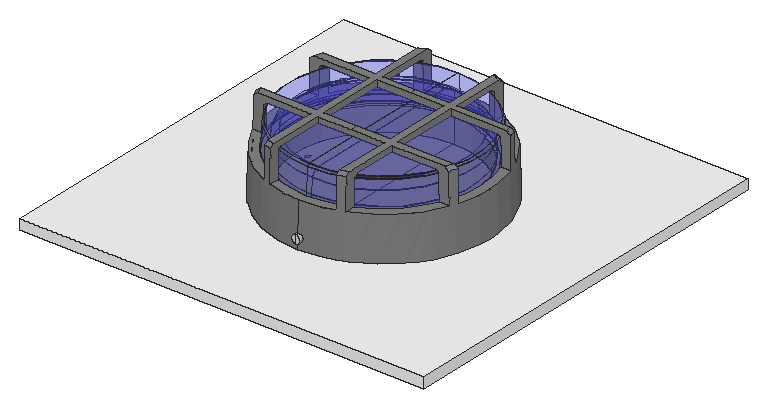
Revit family "BE_33503_de_DE", category Leuchten, Revit 2015
Parameters (values of type "BEGA_33503_Grafit")
  built-in parameter 1150104 = 9.124 (stored number, unit not read)
  Wattage = 8.4 W
  Default Elevation = 0 mm
  built-in parameter 1150113 = 1 (stored number, unit not read)
  built-in parameter 1114218 = 1 (stored number, unit not read)
  Umgebungstemperatur = ""
  URL = "http://www.bega.de/produkt/33503"
  Typenkommentare = "© 2015 BEGA. Wir behalten uns das Recht vor, technische Änderungen ohne vorherige Ankündigung vorzunehmen."  # constant formula
  Type Image = 33503.png
  built-in parameter 1150134 = (empty or 0)
  built-in parameter 1150109 = 1 (stored number, unit not read)
  Strom = ""
  built-in parameter 1150110 = 1 (stored number, unit not read)
  Spannung = 0 V
  Sonderanfertigung = no
  Seriennummer [instance] = "Hier können Sie die eindeutige Seriennummer für das Facility Management eintragen."
  Schutzklasse = "I"
  Schutzart = "IP 65"
  Scheinlast = 0 VA
  Produktdatenblatt = "http://www.bega.de/download/datenblaetter/de/33503.pdf"
  Oberflächentemperatur = ""
  Neigungswinkel = 0.00°
  Modell = "33503"
  Material_11 = BEGA_Glas_opal
  Material_06 = BEGA_Oberfläche_Edelstahl_gebürstet
  Material_02 = BEGA_Oberfläche_Silber_matt
  Material_01 [instance] = BEGA_Oberfläche_Grafit_matt
  M_W = no
  M_G = yes
  M_A = no
  Logo = 0
  built-in parameter 1114217 = 1 (stored number, unit not read)
  built-in parameter 1150139 = (empty or 0)
  built-in parameter 1150105 = 232.08 (stored number, unit not read)
  built-in parameter 1150114 = 1 (stored number, unit not read)
  Lumens = 824.964 lm
  built-in parameter 1150115 = 1 (stored number, unit not read)
  Leuchtenlichtstrom = "332 lm"
  Leuchtenanzahl = ""
  Lebensdauerkriterien = "L70 = 50.000 h"
  Lastklassifizierung = Beleuchtung
  built-in parameter 1150112 = 1 (stored number, unit not read)
  Lampenlichtstrom = "825 lm"
  Lampe = "LED 8.4 W"
  LED_Modulbezeichnung = "LED-0338/830 "
  built-in parameter 1150142 = (empty or 0)
  Hersteller = "BEGA"  # constant formula
  Gewicht = "1.9 kg"
  Gebrauchslageneinschränkung [instance] = ""
  Frequenz = "0/50-60 Hz"
  Farbwiedergabeindex = "Ra > 80"
  Farbtemperaturverschiebung bei Dämpfen der Lampe = <Keine Auswahl>
  Farbtemperatur = "3000 K"
  Color Filter = 16777215
  built-in parameter 1150133 = 10 (stored number, unit not read)
  Energieeffizienzklasse = "LED A++ - A"
  built-in parameter 1150137 = (empty or 0)
  built-in parameter 1150132 = (empty or 0)
  ENEC = ""
  Datei für fotometrisches Netz = "BE_33503.IES"
  CE_Konformität = "ja"
  Bestellnummer = "33503"
  Beschreibung_Sonderanfertigung = "Hier können Sie Informationen zur Sonderanfertigung eintragen."
  built-in parameter 1150106 = 2.3208 (stored number, unit not read)
  Befestigungsbohrung = "Ø 4,5 mm"
  Befestigungsabstand = "150 mm"
  Ballwurfsicher = ""
  BEGA_Intern_aus = yes
  BEGA_Intern_an = yes
  BEGA_Intern_Konstruktion = yes
  BEGA_Intern = yes
  BEGA_IES3 = yes
  BEGA_IES2 = yes
  BEGA_IES1 = yes
  BEGA_IES = yes
  BEGA_Dummy = no
  Anschlussleitung = ""
  Anschlussleistung [instance] = "10.8 W"
  built-in parameter 1150107 = 3000 (stored number, unit not read)
  built-in parameter 1150102 = (empty or 0)
  built-in parameter 1150138 = (empty or 0)
  Aktualisierung = "2016-02-01T04:09:17"
  AC/DC = "AC/DC"
Types (5, lengths in mm): name | built-in parameter 1150104 | built-in parameter 1150134 | Modell | M_G | M_A | built-in parameter 1150105 | Lumens | Leuchtenlichtstrom | Lampenlichtstrom | LED_Modulbezeichnung | Farbtemperatur | Datei für fotometrisches Netz | Bestellnummer | built-in parameter 1150106 | built-in parameter 1150107
  (no name) | 9.124 (stored number, unit not read) | (empty or 0) | "33503" | yes | no | 232.08 (stored number, unit not read) | 824.964 lm | "332 lm" | "825 lm" | "LED-0338/830 " | "3000 K" | "BE_33503.IES" | "33503" | 2.3208 (stored number, unit not read) | 3000 (stored number, unit not read)
  BEGA_33503_Grafit | 9.124 (stored number, unit not read) | (empty or 0) | "33503" | yes | no | 232.08 (stored number, unit not read) | 824.964 lm | "332 lm" | "825 lm" | "LED-0338/830 " | "3000 K" | "BE_33503.IES" | "33503" | 2.3208 (stored number, unit not read) | 3000 (stored number, unit not read)
  BEGA_33503_Silber_K4 | 9.2903 (stored number, unit not read) | 12 | "33503AK4" | no | yes | 236.34 (stored number, unit not read) | 840 lm | "338 lm" | "840 lm" | "LED-0338/840 " | "4000 K" | "BE_33503K4.IES" | "33503AK4" | 2.3634 (stored number, unit not read) | 4000 (stored number, unit not read)
  BEGA_33503_Grafit_K4 | 9.2903 (stored number, unit not read) | 12 | "33503K4" | yes | no | 236.34 (stored number, unit not read) | 840 lm | "338 lm" | "840 lm" | "LED-0338/840 " | "4000 K" | "BE_33503K4.IES" | "33503K4" | 2.3634 (stored number, unit not read) | 4000 (stored number, unit not read)
  BEGA_33503_Silber | 9.124 (stored number, unit not read) | (empty or 0) | "33503A" | no | yes | 232.08 (stored number, unit not read) | 824.964 lm | "332 lm" | "825 lm" | "LED-0338/830 " | "3000 K" | "BE_33503.IES" | "33503A" | 2.3208 (stored number, unit not read) | 3000 (stored number, unit not read)
Reference planes
  plane 1 "Mitte (Vorne/Hinten)": y = 0
  plane 2: z = 0
  plane 3 "Mitte (Links/Rechts)": x = 0
  plane 4 "Links": x = -105.759
  plane 5 "Rechts": x = 105.759
  plane 6 "Unten": y = -105.759
  plane 7 "Oben": y = 105.759
  plane 8 "Vorne": z = 78.95
Forms (mm)
  Extrusion 1, solid, material "BEGA_Platte_Weiss"
    sketch origin (0, -1119.2, 0) x (1, 0, 0) y (0, 1, 0)
      loop
        line (-200, 1319.2) -> (-200, 919.2) -> (200, 919.2) -> (200, 1319.2) -> (-200, 1319.2)
    from 0 to -10
  Extrusion 2, solid, material "BEGA_Dummy_matt", visible <- "BEGA_Dummy"
    sketch origin (80.095, -76.023, 0) x (1, 0, 0) y (0, 1, 0)
      loop
        circle (-80.095, 76.023) r 105.759
    from 0 to 78.95
Dimensions and locks
  plane 1 "Mitte (Vorne/Hinten)" to Extrusion 1 = 200 mm
  aligned and locked: plane 2 to Extrusion 1
  aligned and locked: level to Extrusion 1
Nested families
  nested 1: "BE_33503" at (0, 0, 0) x (0, -1, 0) z (0, 0, 1), type "BE_33503"
Connectors
  electrical at (0, 0, 0), driven by "Lastklassifizierung", driven by "Spannung", driven by "Scheinlast"
    settings: index 1, voltage 0 V, apparent load 0 VA, apparent load phase1 0 VA, apparent load phase2 0 VA, apparent load phase3 0 VA, power factor 1, load classification "Beleuchtung", number of poles 1, system type 31, power factor state 1, is connector primary yes, connector utility no, sub classification motor no, connector description ""
Definition of nested family "BE_33503"
  Parameters (values of type "BE_33503")
    Default Elevation = 1 mm
    URL = "http://www.bega.de/de/produkt"
    Type Comments = "© 2015 BEGA. Wir behalten uns das Recht vor, technische Änderungen ohne vorherige Ankündigung vorzunehmen. "  # constant formula
    Type Image = (empty or 0)
    Material_17 = none
    Material_15 = none
    Material_11 = none
    Material_09 = none
    Material_06 = none
    Material_03 = none
    Material_02 = none
    Material_01 = none
    M_W = yes
    M_G = yes
    M_A = yes
    Länge_Platte = 200 mm  # constant formula
    Höhe_Platte = -10 mm  # constant formula
    Manufacturer = "BEGA"  # constant formula
    Breite_Platte = 200 mm  # constant formula
  Reference planes
    plane 1 "Mitte (Oben/Unten)": y = 0
    plane 2: z = 0
    plane 3 "Mitte (Links/Rechts)": x = 0
    plane 4 "Vorne": z = 78.95
    plane 5 "Hinten": z = 0
    plane 6: x = -105.759
    plane 7: x = 105.759
    plane 8: y = -105.759
    plane 9: y = 105.759
  Forms (mm)
    Extrusion 1, solid, detail levels medium
      sketch origin (0, 0, 0) x (1, 0, 0) y (0, 1, 0)
        loop
          line (-100, 100) -> (-100, -100) -> (100, -100) -> (100, 100) -> (-100, 100)
      from 0 to -10 <- "Höhe_Platte"
    Revolve 2, solid, material <- "Material_01", visible <- "M_G", detail levels medium+fine
      sketch origin (0, 0, 0) x (1, 0, 0) y (0, 0, 1)
        loop
          line (-89.994, 29.772) -> (-89.214, 0) -> (-86.5, 0) -> (-86.291, 8) -> (0, 8) -> (0, 10.7) -> (-86.5, 10.7) -> (-87.11, 34) -> (-90.5, 34) -> (-90.57, 36) -> (-101.9, 36) -> (-101.9, 29.767) -> (-89.994, 29.772)
        axis (0, 0) -> (0, 36)
      angle from 0 to 360
    Revolve 3, solid, material <- "Material_11", detail levels medium+fine
      sketch origin (0, 0, 0) x (1, 0, 0) y (0, 0, 1)
        loop
          line (-99.5, 42.398) -> (-99.5, 37.3) -> (-88.5, 37.3) -> (-88.5, 42.3) -> (-87.747, 56.666)
          arc (-87.747, 56.666) -> (-85.577, 61.376) -> (-80.762, 63.3) r 7
          line (-80.762, 63.3) -> (0, 63.3) -> (0, 71.3) -> (-92.187, 71.3) -> (-94.052, 69.435) -> (-95.001, 42.273) -> (-99.5, 42.398)
        axis (0, 71.3) -> (0, 37.3)
      angle from 0 to 360
    Revolve 4, solid, material <- "Material_02", visible <- "M_A", detail levels medium+fine
      sketch origin (0, 0, 0) x (1, 0, 0) y (0, 0, 1)
        loop
          line (-89.994, 29.772) -> (-89.214, 0) -> (-86.5, 0) -> (-86.291, 8) -> (0, 8) -> (0, 10.7) -> (-86.5, 10.7) -> (-87.11, 34) -> (-90.5, 34) -> (-90.57, 36) -> (-101.9, 36) -> (-101.9, 29.767) -> (-89.994, 29.772)
        axis (0, 0) -> (0, 36)
      angle from 0 to 360
    Revolve 5, solid, material <- "Material_01", visible <- "M_G", detail levels medium+fine
      sketch origin (0, 0, 0) x (1, 0, 0) y (0, 0, 1)
        loop
          line (-100.97, 78.95) -> (-104.465, 75.674) -> (-105.759, 1.55) -> (-103.214, 1.55) -> (-102.49, 43.05) -> (-96.035, 43.05) -> (-95.549, 70.892) -> (-92.796, 73.45) -> (0, 73.45) -> (0, 78.95) -> (-100.97, 78.95)
        axis (0, 78.95) -> (0, 1.55)
      angle from 0 to 360
    Extrusion 6, void
      sketch origin (0, 0, 0) x (1, 0, 0) y (0, 1, 0)
        loop
          line (-32.856, 32.856) -> (-32.856, -32.856) -> (32.856, -32.856) -> (32.856, 32.856) -> (-32.856, 32.856)
        loop
          line (-110.856, -32.856) -> (-40.144, -32.856) -> (-40.144, 32.856) -> (-110.856, 32.856) -> (-110.856, -32.856)
        loop
          line (-32.856, 107.144) -> (-32.856, 40.144) -> (32.856, 40.144) -> (32.856, 107.144) -> (-32.856, 107.144)
        loop
          line (-110.856, 107.144) -> (-110.856, 40.144) -> (-40.144, 40.144) -> (-40.144, 107.144) -> (-110.856, 107.144)
        loop
          line (110.856, -32.856) -> (110.856, 32.856) -> (40.144, 32.856) -> (40.144, -32.856) -> (110.856, -32.856)
        loop
          line (110.856, 107.144) -> (40.144, 107.144) -> (40.144, 40.144) -> (110.856, 40.144) -> (110.856, 107.144)
        loop
          line (-32.856, -107.144) -> (32.856, -107.144) -> (32.856, -40.144) -> (-32.856, -40.144) -> (-32.856, -107.144)
        loop
          line (-110.856, -107.144) -> (-40.144, -107.144) -> (-40.144, -40.144) -> (-110.856, -40.144) -> (-110.856, -107.144)
        loop
          line (110.856, -107.144) -> (110.856, -40.144) -> (40.144, -40.144) -> (40.144, -107.144) -> (110.856, -107.144)
      from 45.05 to 78.95
    Extrusion 7, void
      sketch origin (0, 0, 0) x (1, 0, 0) y (0, 1, 0)
        loop
          circle (0, 75) r 2.25
        loop
          circle (0, -75) r 2.25
        loop
          circle (58.526, 20.108) r 7.5
        loop
          circle (58.526, -20.108) r 7.5
      from 0 to 14.2
    Revolve 8, solid, material <- "Material_06", detail levels fine
      sketch origin (0, 0, 0) x (1, 0, 0) y (0, 0, 1)
        loop
          line (105.663, 15.55) -> (105.663, 11.55) -> (108.3, 11.55) -> (108.3, 15.55) -> (105.663, 15.55)
        axis (105.663, 11.55) -> (108.3, 11.55)
      angle from 0 to 360
    Revolve 9, solid, material <- "Material_02", visible <- "M_A", detail levels medium+fine
      sketch origin (0, 0, 0) x (1, 0, 0) y (0, 0, 1)
        loop
          line (-100.97, 78.95) -> (-104.465, 75.674) -> (-105.759, 1.55) -> (-103.214, 1.55) -> (-102.49, 43.05) -> (-96.035, 43.05) -> (-95.549, 70.892) -> (-92.796, 73.45) -> (0, 73.45) -> (0, 78.95) -> (-100.97, 78.95)
        axis (0, 78.95) -> (0, 1.55)
      angle from 0 to 360
    Extrusion 10, void
      sketch origin (0, 0, 0) x (1, 0, 0) y (0, 1, 0)
        loop
          line (-32.856, 32.856) -> (-32.856, -32.856) -> (32.856, -32.856) -> (32.856, 32.856) -> (-32.856, 32.856)
        loop
          line (-110.856, -32.856) -> (-40.144, -32.856) -> (-40.144, 32.856) -> (-110.856, 32.856) -> (-110.856, -32.856)
        loop
          line (-32.856, 107.144) -> (-32.856, 40.144) -> (32.856, 40.144) -> (32.856, 107.144) -> (-32.856, 107.144)
        loop
          line (-110.856, 107.144) -> (-110.856, 40.144) -> (-40.144, 40.144) -> (-40.144, 107.144) -> (-110.856, 107.144)
        loop
          line (110.856, -32.856) -> (110.856, 32.856) -> (40.144, 32.856) -> (40.144, -32.856) -> (110.856, -32.856)
        loop
          line (110.856, 107.144) -> (40.144, 107.144) -> (40.144, 40.144) -> (110.856, 40.144) -> (110.856, 107.144)
        loop
          line (-32.856, -107.144) -> (32.856, -107.144) -> (32.856, -40.144) -> (-32.856, -40.144) -> (-32.856, -107.144)
        loop
          line (-110.856, -107.144) -> (-40.144, -107.144) -> (-40.144, -40.144) -> (-110.856, -40.144) -> (-110.856, -107.144)
        loop
          line (110.856, -107.144) -> (110.856, -40.144) -> (40.144, -40.144) -> (40.144, -107.144) -> (110.856, -107.144)
      from 45.05 to 78.95
  Cuts and joins
    Extrusion 7 cuts Revolve 2
    Extrusion 6, Extrusion 10 cuts Revolve 5
    Extrusion 7 cuts Revolve 3
    Extrusion 7 cuts Revolve 4
    Extrusion 10 cuts Revolve 9
  Dimensions and locks
    equal spacing: Extrusion 1 sketch curve, plane 3 "Mitte (Links/Rechts)", Extrusion 1 sketch curve
    equal spacing: Extrusion 1 sketch curve, plane 1 "Mitte (Oben/Unten)", Extrusion 1 sketch curve
    "Länge_Platte": Extrusion 1 sketch curve to Extrusion 1 sketch curve
    "Breite_Platte": Extrusion 1 sketch curve to Extrusion 1 sketch curve
    aligned and locked: plane 2 to Extrusion 1
    aligned and locked: level to Extrusion 1
  Automatic sketch dimensions
    Revolve 2 sketch curve to level = 0 mm
    Revolve 2 sketch curve to plane 3 "Mitte (Links/Rechts)" = 0 mm  (x2)
    level to Revolve 2 sketch curve = 8 mm
    Revolve 2 sketch curve to plane 3 "Mitte (Links/Rechts)" = 86.291 mm
    Revolve 2 sketch curve to Revolve 2 sketch curve = 0.209 mm
    level to Revolve 2 sketch curve = 10.7 mm
    Revolve 2 sketch curve to Revolve 2 sketch curve = 0.21 mm
    level to Revolve 2 sketch curve = 34 mm
    Revolve 2 sketch curve to Revolve 2 sketch curve = 0.61 mm
    Revolve 2 sketch curve to Revolve 2 sketch curve = 2.714 mm
    level to Revolve 2 sketch curve = 29.772 mm
    Revolve 2 sketch curve to Revolve 2 sketch curve = 2.884 mm
    Revolve 2 sketch curve to Revolve 2 sketch curve = 3.39 mm
    Revolve 2 sketch curve to Revolve 2 sketch curve = 0.07 mm
    Revolve 2 sketch curve to Revolve 2 sketch curve = 11.33 mm
    Revolve 2 sketch curve to Revolve 2 sketch curve = 0.005 mm
    Revolve 2 sketch curve to Revolve 2 sketch curve = 6.233 mm
    Revolve 2 sketch curve to Revolve 2 sketch curve = 0 mm
    Revolve 2 sketch curve to Revolve 2 sketch curve = 37.3 mm
    Revolve 3 sketch curve to plane 3 "Mitte (Links/Rechts)" = 0 mm  (x2)
    Revolve 3 sketch curve to plane 3 "Mitte (Links/Rechts)" = 80.757 mm
    Revolve 3 sketch curve to Revolve 3 sketch curve = 0.005 mm
    level to Revolve 3 sketch curve = 42.3 mm
    Revolve 3 sketch curve to Revolve 3 sketch curve = 7.743 mm
    Revolve 3 sketch curve to Revolve 3 sketch curve = 11.425 mm
    Revolve 3 sketch curve to Revolve 3 sketch curve = 1.865 mm
    level to Revolve 3 sketch curve = 42.273 mm
    Revolve 3 sketch curve to Revolve 3 sketch curve = 6.501 mm
    Revolve 3 sketch curve to Revolve 3 sketch curve = 4.499 mm
    Revolve 3 sketch curve to Revolve 3 sketch curve = 4.973 mm
    Revolve 3 sketch curve to Revolve 3 sketch curve = 0.125 mm
    Revolve 3 sketch curve to Revolve 3 sketch curve = 14 mm
    Revolve 3 sketch curve to Revolve 3 sketch curve = 7 mm
    Revolve 3 sketch curve to Revolve 3 sketch curve = 6.135 mm
    Revolve 3 sketch curve to Revolve 3 sketch curve = 8 mm
    Revolve 3 sketch curve to Revolve 3 sketch curve = 6.99 mm
    Revolve 3 sketch curve to Revolve 3 sketch curve = 0 mm  (x3)
    Revolve 3 sketch curve to Revolve 3 sketch curve = 11.232 mm
    Revolve 4 sketch curve to level = 0 mm
    Revolve 4 sketch curve to plane 3 "Mitte (Links/Rechts)" = 0 mm  (x2)
    level to Revolve 4 sketch curve = 8 mm
    Revolve 4 sketch curve to plane 3 "Mitte (Links/Rechts)" = 86.291 mm
    Revolve 4 sketch curve to Revolve 4 sketch curve = 0.209 mm
    level to Revolve 4 sketch curve = 10.7 mm
    Revolve 4 sketch curve to Revolve 4 sketch curve = 0.21 mm
    level to Revolve 4 sketch curve = 34 mm
    Revolve 4 sketch curve to Revolve 4 sketch curve = 0.61 mm
    Revolve 4 sketch curve to Revolve 4 sketch curve = 2.714 mm
    level to Revolve 4 sketch curve = 29.772 mm
    Revolve 4 sketch curve to Revolve 4 sketch curve = 2.884 mm
    Revolve 4 sketch curve to Revolve 4 sketch curve = 3.39 mm
    Revolve 4 sketch curve to Revolve 4 sketch curve = 0.07 mm
    Revolve 4 sketch curve to Revolve 4 sketch curve = 11.33 mm
    Revolve 4 sketch curve to Revolve 4 sketch curve = 0.005 mm
    Revolve 4 sketch curve to Revolve 4 sketch curve = 6.233 mm
    Revolve 4 sketch curve to Revolve 4 sketch curve = 0 mm
    Revolve 4 sketch curve to Revolve 4 sketch curve = 37.3 mm
    plane 1 "Mitte (Oben/Unten)" to Extrusion 6 sketch curve = 40.144 mm  (x2)
    Extrusion 6 sketch curve to Extrusion 6 sketch curve = 0 mm  (x14)
    Extrusion 6 sketch curve to plane 3 "Mitte (Links/Rechts)" = 40.144 mm
    Extrusion 6 sketch curve to Extrusion 6 sketch curve = 7.288 mm  (x10)
    plane 3 "Mitte (Links/Rechts)" to Extrusion 6 sketch curve = 32.856 mm
    Extrusion 6 sketch curve to Extrusion 6 sketch curve = 70.712 mm  (x3)
    Extrusion 6 sketch curve to Extrusion 6 sketch curve = 67 mm  (x3)
    Extrusion 6 sketch curve to plane 1 "Mitte (Oben/Unten)" = 32.856 mm  (x2)
    Extrusion 7 sketch curve to plane 3 "Mitte (Links/Rechts)" = 0 mm  (x2)
    plane 1 "Mitte (Oben/Unten)" to Extrusion 7 sketch curve = 20.108 mm
    plane 3 "Mitte (Links/Rechts)" to Extrusion 7 sketch curve = 58.526 mm
    Extrusion 7 sketch curve to plane 1 "Mitte (Oben/Unten)" = 20.108 mm
    Extrusion 7 sketch curve to Extrusion 7 sketch curve = 0 mm
    plane 1 "Mitte (Oben/Unten)" to Extrusion 7 sketch curve = 75 mm
    Extrusion 7 sketch curve to plane 1 "Mitte (Oben/Unten)" = 75 mm
    level to Revolve 8 sketch curve = 15.55 mm
    Revolve 8 sketch curve to Revolve 8 sketch curve = 2.637 mm
    Revolve 8 sketch curve to Revolve 8 sketch curve = 0 mm  (x2)
    Revolve 8 sketch curve to Revolve 8 sketch curve = 3.147 mm
    Revolve 8 sketch curve to Revolve 8 sketch curve = 4 mm
    plane 3 "Mitte (Links/Rechts)" to Revolve 8 sketch curve = 105.663 mm
    plane 6 to Revolve 5 sketch curve = 0 mm
    Revolve 5 sketch curve to plane 4 "Vorne" = 0 mm  (x2)
    Revolve 5 sketch curve to plane 3 "Mitte (Links/Rechts)" = 0 mm  (x2)
    Revolve 5 sketch curve to plane 6 = 1.294 mm
    Revolve 5 sketch curve to plane 6 = 3.27 mm
    Revolve 5 sketch curve to plane 6 = 4.789 mm
    Revolve 5 sketch curve to Revolve 5 sketch curve = 6.455 mm
    Revolve 5 sketch curve to Revolve 5 sketch curve = 5.421 mm
    Revolve 5 sketch curve to plane 4 "Vorne" = 5.5 mm
    Revolve 5 sketch curve to Revolve 5 sketch curve = 2.753 mm
    Revolve 5 sketch curve to Revolve 5 sketch curve = 2.558 mm
    Revolve 5 sketch curve to Revolve 5 sketch curve = 27.842 mm
    Revolve 5 sketch curve to plane 4 "Vorne" = 3.276 mm
    Revolve 5 sketch curve to plane 6 = 2.545 mm
    Revolve 5 sketch curve to Revolve 5 sketch curve = 24.5 mm
    level to Revolve 5 sketch curve = 1.55 mm
    plane 6 to Revolve 9 sketch curve = 0 mm
    Revolve 9 sketch curve to plane 4 "Vorne" = 0 mm  (x2)
    Revolve 9 sketch curve to plane 3 "Mitte (Links/Rechts)" = 0 mm  (x2)
    Revolve 9 sketch curve to plane 6 = 1.294 mm
    Revolve 9 sketch curve to Revolve 9 sketch curve = 2.545 mm
    Revolve 9 sketch curve to plane 6 = 3.27 mm
    Revolve 9 sketch curve to plane 6 = 4.789 mm
    Revolve 9 sketch curve to Revolve 9 sketch curve = 6.455 mm
    Revolve 9 sketch curve to Revolve 9 sketch curve = 5.421 mm
    Revolve 9 sketch curve to plane 4 "Vorne" = 5.5 mm
    Revolve 9 sketch curve to Revolve 9 sketch curve = 2.753 mm
    Revolve 9 sketch curve to Revolve 9 sketch curve = 2.558 mm
    Revolve 9 sketch curve to Revolve 9 sketch curve = 27.842 mm
    level to Revolve 9 sketch curve = 1.55 mm
    Revolve 9 sketch curve to plane 4 "Vorne" = 3.276 mm
    Revolve 9 sketch curve to Revolve 9 sketch curve = 24.5 mm
    plane 6 to Extrusion 10 sketch curve = 5.097 mm  (x3)
    plane 9 to Extrusion 10 sketch curve = 1.385 mm  (x3)
    Extrusion 10 sketch curve to plane 3 "Mitte (Links/Rechts)" = 40.144 mm
    Extrusion 10 sketch curve to Extrusion 10 sketch curve = 0 mm  (x9)
    Extrusion 10 sketch curve to Extrusion 10 sketch curve = 7.288 mm  (x10)
    plane 8 to Extrusion 10 sketch curve = 1.385 mm  (x3)
    plane 3 "Mitte (Links/Rechts)" to Extrusion 10 sketch curve = 32.856 mm
    plane 7 to Extrusion 10 sketch curve = 5.097 mm  (x3)
    plane 1 "Mitte (Oben/Unten)" to Extrusion 10 sketch curve = 40.144 mm
    Extrusion 10 sketch curve to plane 1 "Mitte (Oben/Unten)" = 32.856 mm  (x2)
    radius of Extrusion 7 sketch curve = 2.25 mm  (x2)
    radius of Extrusion 7 sketch curve = 7.5 mm  (x2)
